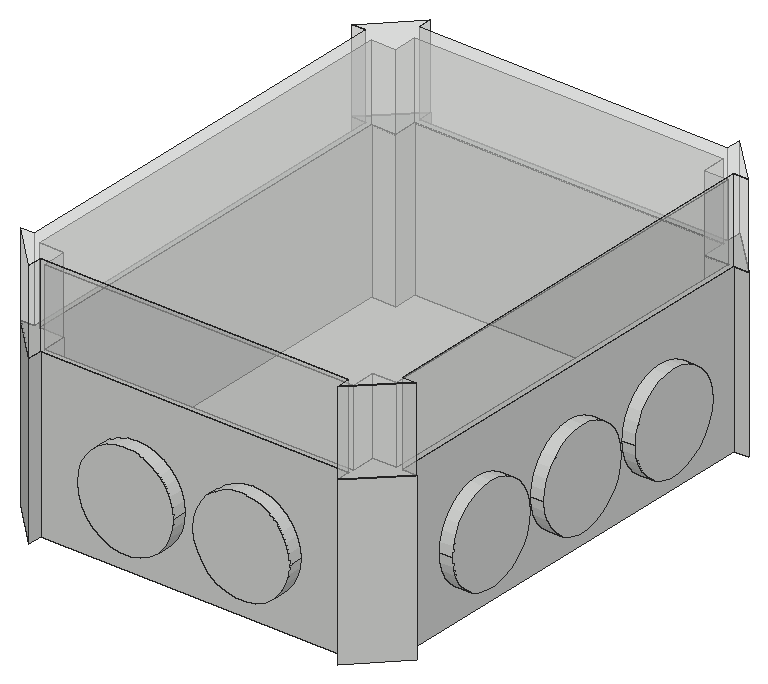
Revit family "PV Systemlösung Typ 2 für WR mit 1 MPP-Tracker", category Generic Models, Revit 2015
Parameters (values of type "VG-BCPV 900KS 1")
  Width = 150 mm
  URL = "http://www.obo-bettermann.com"
  Material 3 = OBO TPE
  Material 2 = PC
  Material = OBO PP
  Manufacturer Art.No. = "5088580"
  Manufacturer = "OBO Bettermann"
  Length = 190 mm
  Height 1 = 62.5 mm
  Height = 94 mm
  GTIN = "4012196410811"
  Diameter 1 = 30 mm
  Diameter = 36.4 mm
  Article Type = "VG-BCPV 900KS 1"
Types (3, lengths in mm): name | Material 3 | Manufacturer Art.No. | GTIN | Article Type
  (no name) | OBO TPE | "5088580" | "4012196410811" | "VG-BCPV 900KS 1"
  VG-V20-C3-PH1000 | none | "5088593" | "4012196423187" | "VG-V20-C3-PH1000"
  VG-BCPV 900KS 1 | OBO TPE | "5088580" | "4012196410811" | "VG-BCPV 900KS 1"
Reference planes
  plane 1 "Center (Front/Back)": y = 0
  plane 2: z = 0
  plane 3 "Center (Left/Right)": x = 0
  plane 4: z = 62.5
  plane 5: z = 94
  plane 6: y = -95
  plane 7: y = 95
  plane 8: x = 75
  plane 9: x = -75
  plane 10: z = 4.1
  plane 11: z = 91.3
Forms (mm)
  Extrusion 1, solid, material "OBO PP" <- "Material"
    sketch origin (0, 0, 0) x (1, 0, 0) y (0, 1, 0)
      loop
        line (-75, 78.4) -> (-69.6, 78.4) -> (-69.6, -78.4) -> (-75, -78.4) -> (-58.4, -95) -> (-58.4, -89.6) -> (58.4, -89.6) -> (58.4, -95) -> (75, -78.4) -> (69.6, -78.4) -> (69.6, 78.4) -> (75, 78.4) -> (58.4, 95) -> (58.4, 89.6) -> (-58.4, 89.6) -> (-58.4, 95) -> (-75, 78.4)
    from 0 to 62.5
  Extrusion 2, solid, material "PC" <- "Material 2"
    sketch origin (0, 0, 0) x (1, 0, 0) y (0, 1, 0)
      loop
        line (58.4, 89.6) -> (-58.4, 89.6) -> (-58.4, 95) -> (-75, 78.4) -> (-69.6, 78.4) -> (-69.6, -78.4) -> (-75, -78.4) -> (-58.4, -95) -> (-58.4, -89.6) -> (58.4, -89.6) -> (58.4, -95) -> (75, -78.4) -> (69.6, -78.4) -> (69.6, 78.4) -> (75, 78.4) -> (58.4, 95) -> (58.4, 89.6)
    from 62.5 to 94
  Extrusion 3, solid, material "OBO TPE" <- "Material 3"
    sketch origin (0, 0, 0) x (1, 0, 0) y (0, 0, 1)
      loop
        circle (-21.9, 27.2) r 18.2
      loop
        circle (21.9, 27.2) r 18.2
    from 89.6 to 95
  Extrusion 4, solid, material "OBO TPE" <- "Material 3"
    sketch origin (0, 0, 0) x (1, 0, 0) y (0, 0, 1)
      loop
        circle (21.9, 27.2) r 18.2
      loop
        circle (-21.9, 27.2) r 18.2
    from -95 to -89.6
  Extrusion 5, solid, material "OBO TPE" <- "Material 3"
    sketch origin (0, 0, 0) x (0, 1, 0) y (0, 0, 1)
      loop
        circle (0, 27.2) r 18.2
      loop
        circle (-43.2, 27.2) r 18.2
      loop
        circle (43.2, 27.2) r 18.2
    from 69.6 to 75
  Extrusion 6, solid, material "OBO TPE" <- "Material 3"
    sketch origin (0, 0, 0) x (0, 1, 0) y (0, 0, 1)
      loop
        circle (50.9, 27.2) r 15
      loop
        circle (16.9, 27.2) r 15
      loop
        circle (-16.9, 27.2) r 15
      loop
        circle (-50.9, 27.2) r 15
    from -75 to -69.6
  Extrusion 7, void
    sketch origin (0, 0, 0) x (1, 0, 0) y (0, 1, 0)
      loop
        line (-67.6, 78.4) -> (-67.6, -78.4) -> (-58.4, -78.4) -> (-58.4, -87.6) -> (58.4, -87.6) -> (58.4, -78.4) -> (67.6, -78.4) -> (67.6, 78.4) -> (58.4, 78.4) -> (58.4, 87.6) -> (-58.4, 87.6) -> (-58.4, 78.4) -> (-67.6, 78.4)
    from 4.1 to 91.3
Cuts and joins
  Extrusion 7 cuts Extrusion 1
  Extrusion 7 cuts Extrusion 2
Dimensions and locks
  "Height 1": plane 4 to level
  "Height": plane 5 to level
  "Width": Extrusion 1 sketch curve to Extrusion 1 sketch curve  (x2)
  equal spacing: Extrusion 1 sketch curve, plane 3 "Center (Left/Right)", Extrusion 1 sketch curve, locked at 75 each  (x2)
  "Length": Extrusion 1 sketch curve to Extrusion 1 sketch curve  (x2)
  equal spacing: Extrusion 1 sketch curve, plane 1 "Center (Front/Back)", Extrusion 1 sketch curve, locked at 95 each  (x2)
  locked: Extrusion 1 sketch curve to Extrusion 1 sketch curve at 5.4  (x4)
  locked: Extrusion 1 sketch curve to Extrusion 1 sketch curve at 116.8  (x2)
  equal spacing: Extrusion 1 sketch curve, plane 3 "Center (Left/Right)", Extrusion 1 sketch curve, locked at 58.4 each  (x2)
  locked: Extrusion 1 sketch curve to Extrusion 1 sketch curve at 156.8  (x2)
  equal spacing: Extrusion 1 sketch curve, plane 1 "Center (Front/Back)", Extrusion 1 sketch curve, locked at 78.4 each  (x2)
  locked: plane 3 "Center (Left/Right)" to Extrusion 3 sketch curve at 21.9
  locked: Extrusion 3 sketch curve to Extrusion 1 at 27.2  (x2)
  locked: Extrusion 3 sketch curve to plane 3 "Center (Left/Right)" at 21.9
  locked: plane 6 to plane 1 "Center (Front/Back)" at 95
  locked: plane 1 "Center (Front/Back)" to plane 7 at 95
  locked: Extrusion 1 to Extrusion 5 sketch curve at 27.2  (x2)
  locked: Extrusion 5 sketch curve to level at 27.2
  locked: plane 1 "Center (Front/Back)" to Extrusion 5 sketch curve at 43.2
  locked: Extrusion 5 sketch curve to plane 1 "Center (Front/Back)" at 43.2
  locked: plane 3 "Center (Left/Right)" to plane 8 at 75
  locked: Extrusion 1 to Extrusion 6 sketch curve at 27.2  (x4)
  locked: Extrusion 6 sketch curve to plane 1 "Center (Front/Back)" at 16.9
  locked: Extrusion 6 sketch curve to Extrusion 6 sketch curve at 34  (x2)
  locked: plane 1 "Center (Front/Back)" to Extrusion 6 sketch curve at 16.9
  locked: plane 9 to plane 3 "Center (Left/Right)" at 75
  locked: Extrusion 2 to Extrusion 7 sketch curve at 2  (x3)
  locked: Extrusion 7 sketch curve to Extrusion 2 at 2
  locked: Extrusion 7 sketch curve to Extrusion 7 sketch curve at 9.2  (x8)
  locked: plane 5 to plane 11 at 2.7
  locked: plane 10 to level at 4.1
  "Diameter": diameter of Extrusion 3 sketch curve  (x2)
  "Diameter": diameter of Extrusion 5 sketch curve  (x3)
  "Diameter 1": diameter of Extrusion 6 sketch curve  (x4)
  aligned and locked: level to plane 2
  aligned and locked: plane 4 to Extrusion 1
  aligned and locked: Extrusion 1 to level
  aligned and locked: Extrusion 2 sketch curve to Extrusion 1  (x16)
  aligned and locked: Extrusion 2 to Extrusion 1
  aligned and locked: plane 5 to Extrusion 2
  aligned and locked: Extrusion 3 to Extrusion 1
  aligned and locked: Extrusion 3 to plane 6
  aligned and locked: Extrusion 4 sketch curve to Extrusion 3  (x4)
  aligned and locked: plane 7 to Extrusion 4
  aligned and locked: Extrusion 4 to Extrusion 1
  aligned and locked: Extrusion 5 to Extrusion 1
  aligned and locked: plane 8 to Extrusion 5
  aligned and locked: Extrusion 6 to plane 9
  aligned and locked: Extrusion 6 to Extrusion 1
  aligned and locked: Extrusion 7 to plane 10
  aligned and locked: plane 11 to Extrusion 7
Automatic sketch dimensions
  Extrusion 5 sketch curve to plane 1 "Center (Front/Back)" = 0 mm
